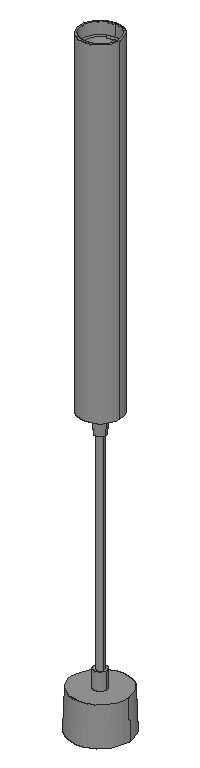
Revit family "6185", category Lighting Fixtures, host Face, Revit 2018
Family settings
  Host = Face
  Round Connector Dimension = Use Diameter
  Part Type = Normal
  OmniClass Number = 23.80.70.00
  OmniClass Title = Lighting
  Cut with Voids When Loaded = No
  Light Source = Yes
  Shared = No
  Room Calculation Point = No
Parameters (values of type "0006185 PIXO MINI PENDANT 490LM 927 MB WHT")
  spacer height = 5.965 mm
  spacer centres = 1000 mm
  cutout width = 300 mm
  Width = 296 mm
  Weight = "n/a"
  Wattage Comments = ""
  Wattage = 9.2903 W
  WarrantyStartDate [instance] = "n/a"
  WarrantyGuarantorParts = "n/a"
  WarrantyDurationUnit = "n/a"
  WarrantyDurationParts = ""
  WarrantyDescription = "http://www.sylvania-lighting.com"
  built-in parameter 1150110 = 1 (stored number, unit not read)
  Voltage = 0 V
  URL = "0.5"
  TypeName = "Pixo Mini PENDANT 490lm 927 MB WHITE"
  Type Image = <None>
  Type Comments = "n/a"
  built-in parameter 1114217 = 1 (stored number, unit not read)
  Tilt Angle = 90.00°
  built-in parameter 1150109 = 1 (stored number, unit not read)
  built-in parameter 1150134 = 3
  built-in parameter 1150113 = 1 (stored number, unit not read)
  SerialNumber [instance] = "n/a"
  Photometric Web File = "0006185.ies"
  Material_3_FEILO = none
  PowerFactor = 0
  PowerConsumption = "Lighting"
  NominalLength = 85 mm
  NominalHeight = 0 mm
  NominalDepth = 0 mm
  Name = "Pixo Mini PENDANT 490lm 927 MB WHITE"
  ModelReference = Name  # "Pixo Mini PENDANT 490lm 927 MB WHITE"
  ModelNumber = "0006185"
  Model = Name  # "Pixo Mini PENDANT 490lm 927 MB WHITE"
  Material = "Feilo Sylvania"
  ManufacturerName = "75 lm/W"
  Manufacturer = ""
  LuminousEfficacy = ""
  built-in parameter 1150105 = 109.82 (stored number, unit not read)
  Lumens = 1380 lm
  LuminaireType = "0"
  built-in parameter 1150115 = 1 (stored number, unit not read)
  LightOutputRatio = "LED"
  built-in parameter 1150137 = (empty or 0)
  built-in parameter 1150139 = (empty or 0)
  Length = 1196 mm
  LampsType = Lamp  # "n/a"
  LampNominalLuminous = "2700 K"
  LampMacAdamStep = "90"
  LampColourTemperature = "LED"
  LampColourRenderingIndex = "16500"
  built-in parameter 1150112 = 1 (stored number, unit not read)
  built-in parameter 1150114 = 1 (stored number, unit not read)
  Lamp = "n/a"
  Keynote = "n/a"
  InstallationDate [instance] = "n/a"
  InputVoltage = "0"
  InputNominalFrequency = "2700"
  built-in parameter 1150132 = (empty or 0)
  built-in parameter 1150102 = (empty or 0)
  built-in parameter 1150107 = 3200 (stored number, unit not read)
  built-in parameter 1150138 = (empty or 0)
  IngressProtection = "IfcLightFixtureType"
  ImpactProtectionIndex = "IfcLightFixtureType"
  built-in parameter 1150106 = 1.0982 (stored number, unit not read)
  IfcExportType = "IfcLightFixtureType"
  IfcExportAs = "Class I"
  Height = 51.031 mm
  ExpectedLife = 50000
  Emit from Circle Diameter = 609.6 mm
  Emit Shape Visible in Rendering = no
  ElectricShockClassification = "75"
  built-in parameter 1150104 = 13.8 (stored number, unit not read)
  DurationUnit = "hours"
  DocumentationLiterature = "http://www.sylvania-lighting.com/product/en-int/products/0006185"
  DimmingControlOptions = "n/a"
  Material_2_FEILO = none
  Dimming Lamp Color Temperature Shift = <None>
  Description = "Integrated LED pendant, Textured White - RAL9016, simple and slick integral design with no driver box and without any visible screws, ideal for retail applications, die-cast aluminium body, passive cooling heatsink. Beam angle: 40°, color temperature: 2700K , total system power: 6.5W, total fixture output: 490 lm, LOR: 100%, colour rendering: Ra: 90 typical, IR/UV free light source without heat radiation, operating voltage: 220-240V / 50-60Hz, electronic driver, non-dimmable, low LED flickerering rate (6%-20%), power factor: >0.90, electrical protection: Class I, Surface mounting ceiling rose, ingress protection rating: IP20, suitable for internal environment only, horizontal rotation: 345°, vertical tilt: 90°, dimensions: Ø41.5x350, weight: 0.469kg."
  Default Elevation = 1219.2 mm
  Cutout = 1200 mm
  CreatedOn = "06/01/2022"
  CreatedBy = "@sylvania-lighting.com"
  Cost = 0
  Color Filter = 16777215
  built-in parameter 1114216 [instance] = (empty or 0)
  ClassificationValue = "EF_70_80"
  ClassificationName = "Uniclass2015"
  Material_1_FEILO = none
  BarCode [instance] = "n/a"
  built-in parameter 1114218 = 1 (stored number, unit not read)
  built-in parameter 1150133 = 10 (stored number, unit not read)
  AssetType = "Fixed"
  AssetIdentifier [instance] = "n/a"
  Assembly Code = "D5020200"
  Apparent Load = 6.5 VA
  Material_4_FEILO = none
Reference planes
  plane 1 "Center (Front/Back)": y = 0
  plane 2: z = 0
  plane 3 "Center (Left/Right)": x = 0
  plane 4: z = 0
  plane 5: z = 51.031
  plane 6: y = 148
  plane 7: y = -148
  plane 8: x = -598
  plane 9: x = 598
  plane 10: z = 5.965
  plane 11: x = -600
  plane 12: x = 600
  plane 13: y = 150
  plane 14: y = -150
  plane 15: x = -30
  plane 16: x = 30
  plane 17: y = 30
  plane 18: y = -30
  plane 19: y = 29
  plane 20: y = -29
  plane 21: x = -29
  plane 22: x = 29
Forms (mm)
  Blend 1, solid, material "Aluminum", detail levels medium+fine
    base sketch origin (0, 0, 0) x (1, 0, 0) y (0, 1, 0)
      loop
        circle (0, 0) r 30
    top sketch origin (0, 0, 0) x (1, 0, 0) y (0, 1, 0)
      loop
        circle (0, 0) r 29
    from 0 to 40
  Extrusion 2, solid, material "Aluminum", detail levels medium+fine
    sketch origin (4.2, 0, 0) x (1, 0, 0) y (0, 1, 0)
      loop
        circle (-4.2, 0) r 6.5
    from 40 to 57
  Extrusion 3, solid, material "Aluminum", detail levels medium+fine
    sketch origin (4.2, 0, 0) x (1, 0, 0) y (0, 1, 0)
      loop
        circle (-4.2, 0) r 3.5
    from 57 to 275
  Blend 4, solid, material "Aluminum", detail levels medium+fine
    base sketch origin (4.2, 0, 0) x (1, 0, 0) y (0, 1, 0)
      loop
        circle (-4.2, 0) r 5.5
    top sketch origin (4.2, 0, 0) x (1, 0, 0) y (0, 1, 0)
      loop
        circle (-4.2, 0) r 7.5
    from 275 to 295
  Extrusion 5, solid, material "Aluminum", detail levels medium+fine
    sketch origin (4.2, 0, 0) x (1, 0, 0) y (0, 1, 0)
      loop
        circle (-4.2, 0) r 20.5
    from 295 to 645
  Extrusion 6, void
    sketch origin (4.2, 0, 0) x (0, 1, 0) y (1, 0, 0)
      loop
        circle (0, -4.2) r 19
    from -645 to -633
  Blend 7, void
    base sketch origin (4.2, 0, 0) x (0, 1, 0) y (-1, 0, 0)
      loop
        circle (0, 4.2) r 16.5
    top sketch origin (4.2, 0, 0) x (0, 1, 0) y (-1, 0, 0)
      loop
        circle (0, 4.2) r 5.5
    from 636.255 to 606.255
  Blend 8, solid, material "Glass, White, High Luminance", detail levels fine
    base sketch origin (4.2, 0, 0) x (1, 0, 0) y (0, 1, 0)
      loop
        circle (-4.2, 0) r 5.5
    top sketch origin (4.2, 0, 0) x (1, 0, 0) y (0, 1, 0)
      loop
        circle (-4.2, 0) r 5.5
    from 607.057 to 609.057
  Extrusion 9, solid, detail levels coarse
    sketch origin (4.2, 0, 0) x (1, 0, 0) y (0, 1, 0)
      loop
        line (-34.2, 30) -> (-34.2, -30) -> (25.8, -30) -> (25.8, 30) -> (-34.2, 30)
    from 0 to 645
Cuts and joins
  Extrusion 6, Blend 7 cuts Blend 1
  Extrusion 6, Blend 7 cuts Extrusion 5
Dimensions and locks
  "Width": plane 6 to plane 7
  equal spacing: plane 6, plane 1 "Center (Front/Back)", plane 7
  "Length": plane 8 to plane 9
  equal spacing: plane 8, plane 3 "Center (Left/Right)", plane 9
  "spacer height": plane 10 to host face
  "Height": plane 5 to level
  "Cutout": plane 11 to plane 12
  equal spacing: plane 11, plane 3 "Center (Left/Right)", plane 12
  "cutout width": plane 13 to plane 14
  equal spacing: plane 13, plane 1 "Center (Front/Back)", plane 14
  aligned and locked: plane 2 to host face
  aligned and locked: level to host face
Automatic sketch dimensions
  host sketch curve to host sketch curve = 2438.4 mm  (x2)
  plane 1 "Center (Front/Back)" to Blend 1 sketch curve = 0 mm  (x2)
  Blend 1 sketch curve to plane 3 "Center (Left/Right)" = 0 mm  (x2)
  plane 1 "Center (Front/Back)" to Extrusion 2 sketch curve = 0 mm
  Extrusion 2 sketch curve to plane 3 "Center (Left/Right)" = 0 mm
  plane 1 "Center (Front/Back)" to Extrusion 3 sketch curve = 0 mm
  Extrusion 3 sketch curve to plane 3 "Center (Left/Right)" = 0 mm
  plane 1 "Center (Front/Back)" to Blend 4 sketch curve = 0 mm  (x2)
  Blend 4 sketch curve to plane 3 "Center (Left/Right)" = 0 mm  (x2)
  plane 1 "Center (Front/Back)" to Extrusion 5 sketch curve = 0 mm
  Extrusion 5 sketch curve to plane 3 "Center (Left/Right)" = 0 mm
  plane 1 "Center (Front/Back)" to Extrusion 6 sketch curve = 0 mm
  Extrusion 6 sketch curve to plane 3 "Center (Left/Right)" = 0 mm
  plane 1 "Center (Front/Back)" to Blend 7 sketch curve = 0 mm  (x2)
  Blend 7 sketch curve to plane 3 "Center (Left/Right)" = 0 mm  (x2)
  plane 1 "Center (Front/Back)" to Blend 8 sketch curve = 0 mm  (x2)
  Blend 8 sketch curve to plane 3 "Center (Left/Right)" = 0 mm  (x2)
  Extrusion 9 sketch curve to plane 15 = 0 mm
  Extrusion 9 sketch curve to plane 16 = 0 mm
  Extrusion 9 sketch curve to plane 18 = 0 mm
  Extrusion 9 sketch curve to plane 17 = 0 mm
  radius of Blend 1 sketch curve = 30 mm
  radius of Blend 1 sketch curve = 29 mm
  radius of Extrusion 2 sketch curve = 6.5 mm
  radius of Extrusion 3 sketch curve = 3.5 mm
  radius of Blend 4 sketch curve = 5.5 mm
  radius of Blend 4 sketch curve = 7.5 mm
  radius of Extrusion 5 sketch curve = 20.5 mm
  radius of Extrusion 6 sketch curve = 19 mm
  radius of Blend 7 sketch curve = 16.5 mm
  radius of Blend 7 sketch curve = 5.5 mm
  radius of Blend 8 sketch curve = 5.5 mm  (x2)
Connectors
  electrical at (0, 0, 0), driven by "Apparent Load", driven by "PowerFactor", driven by "Voltage"
    settings: index 1, voltage 0 V, apparent load 6.5 VA, apparent load phase1 0 VA, apparent load phase2 0 VA, apparent load phase3 0 VA, power factor 0, load classification "Lighting", number of poles 1, system type 30, power factor state 1, is connector primary yes, connector utility no, sub classification motor no, connector description ""
